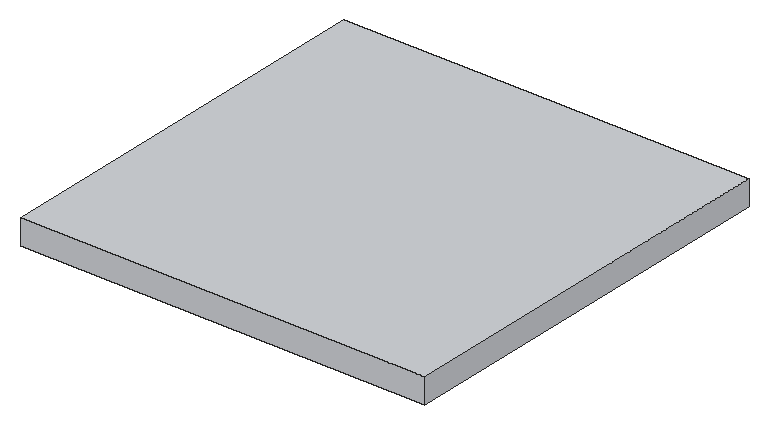
Revit family "Vandal Proof Batten_240V_Ceiling-Hosted R16", category Lighting Fixtures, host Ceiling, Revit 2016
Family settings
  Host = Ceiling
  Part Type = Normal
  Round Connector Dimension = Use Diameter
  OmniClass Number = 23.80.70.11
  OmniClass Title = Luminaries for Internal Lighting
  Work Plane-Based = No
  Always vertical = Yes
  Cut with Voids When Loaded = No
  Light Source = Yes
  Shared = No
  Room Calculation Point = No
Parameters (values of type "FVP4LED-P-DD")
  Weight = ""
  Wattage = 43.08 W
  built-in parameter 1150110 = 1 (stored number, unit not read)
  Viewing Distance = ""
  built-in parameter 1114217 = 0.9 (stored number, unit not read)
  Tilt Angle = 60.00°
  Testing Node = ""
  Testing Mode = "N/A"
  built-in parameter 1150109 = 1 (stored number, unit not read)
  built-in parameter 1150134 = 12
  built-in parameter 1150113 = 1 (stored number, unit not read)
  Replacement Lamp = ""
  Product Description = "240V 4ft Argonaut LED Vandal Batten with DALI Driver"
  Power Consumption = "43W"
  Photometric Web File = "6035_FVP4LED-P_350mA_ProductionDiffuser_18082017-01_Revised.ies"
  Photometric Web File = ""
  Operating Voltage = "240C AC; 50Hz"
  Operating Temperature = "0C to 40C"
  Operating Mode = "N/A"
  Mounting = "Surface Mount"
  Minumum Ceiling Depth = ""
  Lumens = 5298.84 lm
  built-in parameter 1150115 = 1 (stored number, unit not read)
  built-in parameter 1150105 = 421.67 (stored number, unit not read)
  built-in parameter 1150137 = (empty or 0)
  built-in parameter 1150139 = (empty or 0)
  built-in parameter 1150112 = 1 (stored number, unit not read)
  built-in parameter 1150114 = 1 (stored number, unit not read)
  Lamp = "2 x LED module, 4000K natural white, 50,000h [L80/B20, Ta40C], Ra>80"
  Inverter/Charger = ""
  built-in parameter 1150132 = (empty or 0)
  built-in parameter 1150102 = (empty or 0)
  built-in parameter 1150138 = (empty or 0)
  built-in parameter 1150107 = 4000 (stored number, unit not read)
  built-in parameter 1150106 = 4.2167 (stored number, unit not read)
  IP Rating = "IP66"
  IK Rating = "IK10"
  Emit from Circle Diameter = 609.6 mm
  Emit Shape Visible in Rendering = no
  built-in parameter 1150104 = 11.427 (stored number, unit not read)
  Driver/Ballast = "Tridonic LC 50W 350-1050mA ONE4ALL"
  Dimming Lamp Color Temperature Shift = <None>
  Dimensions = "1320 x 140 x 120mm (L x W x H)"
  Diffuser = "Opal, Impact Resistant Polycarbonate with Secure Access Screws"
  Construction = "Pressure Die-Cast, Low Copper Aluminium Alloy Body with Grey P/Coat, Removable Gear Tray & ReplaceableLED Modules"
  Color Filter = 16777215
  Charging Method = ""
  Ceiling Cut-out = ""
  Ceiling = none
  Battery Type = ""
  Battery = ""
  built-in parameter 1114218 = 1 (stored number, unit not read)
  built-in parameter 1150133 = 10 (stored number, unit not read)
  AS2293 Classification = ""
Types (2, lengths in mm): name | Product Description | Driver/Ballast
  FVPLED-P | "240V 4ft Argonaut LED Vandal Batten" | "Tridonic LC 50W 350-1050mA"
  FVP4LED-P-DD | "240V 4ft Argonaut LED Vandal Batten with DALI Driver" | "Tridonic LC 50W 350-1050mA ONE4ALL"
Reference planes
  plane 1 "Light Source Axis (F/B)": y = 0
  plane 2: z = 0
  plane 3 "Light Source Axis (L/R)": x = 0
  plane 4 "Ceiling": z = 4000
  plane 5 "Light Source Elevation": z = 3995.957
Forms (mm)
  Extrusion 1, solid, material <- "Ceiling"
    sketch origin (0, 0, 4000) x (0, 1, 0) y (-1, 0, 0)
      loop
        line (2000, 0) -> (2000, 2000) -> (-2000, 2000) -> (-2000, -2000) -> (2000, -2000) -> (2000, 0)
    from 0 to 250
Dimensions and locks
  equal spacing: host sketch curve, plane 3 "Light Source Axis (L/R)", host sketch curve
  equal spacing: host sketch curve, plane 1 "Light Source Axis (F/B)", host sketch curve
  host sketch curve to host sketch curve = 4000 mm  (x2)
  locked: plane 4 "Ceiling" to host ceiling at 0
